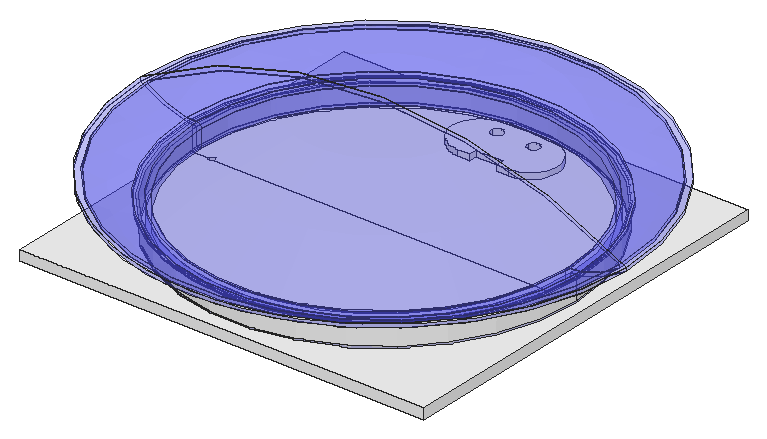
Revit family "BE_50506_de_DE", category Leuchten, Revit 2020
Family settings
  Basisbauteil = Fläche
  Bemaßung runder Anschluss = Durchmesser verwenden
  Teiletyp = Normal
  Beim Laden mit Abzugskörper schneiden = Ja
  Lichtquelle = Ja
  Gemeinsam genutzt = Nein
  Raumberechnungspunkt = Ja
Parameters (values of type "BEGA_50506_K3")
  built-in parameter 1150104 = 14.491 (stored number, unit not read)
  Wattage = 27.6 W
  Default Elevation = 0 mm
  built-in parameter 1150113 = 1 (stored number, unit not read)
  built-in parameter 1114218 = 1 (stored number, unit not read)
  Umgebungstemperatur = "25 °C"
  URL = "https://www.bega.com/de/produkt/50506"
  Typenkommentare = "© 2022 BEGA. Wir behalten uns das Recht vor, technische Änderungen ohne vorherige Ankündigung vorzunehmen."  # constant formula
  built-in parameter 1150134 = (empty or 0)
  built-in parameter 1150109 = 1 (stored number, unit not read)
  Strom = ""
  built-in parameter 1150110 = 1 (stored number, unit not read)
  Spannung = 239.996 V
  Sonderanfertigung = no
  Seriennummer [instance] = "Hier können Sie die eindeutige Seriennummer für das Facility Management eintragen."
  Schutzklasse = "I"
  Schutzart = "IP 20"
  Scheinlast = 0 VA
  Produktdatenblatt = "https://cdn.bega.com/bega/products/50506K27/current/documents/data-sheets/de"
  Oberflächentemperatur = ""
  Neigungswinkel = 0.00°
  Modell = "50506K3"
  Material_34 = BEGA_Oberfläche_Samtweiss_matt
  Material_11 = BEGA_Glas_opal
  M_W = no
  M_G = no
  M_A = no
  Logo = 0
  built-in parameter 1114217 = 1 (stored number, unit not read)
  built-in parameter 1150139 = (empty or 0)
  built-in parameter 1150105 = 4305 (stored number, unit not read)
  built-in parameter 1150114 = 1 (stored number, unit not read)
  Lumens = 4305.05 lm
  built-in parameter 1150115 = 1 (stored number, unit not read)
  Leuchtenlichtstrom = "3088 lm"
  Leuchtenanzahl = ""
  Lebensdauerkriterien = "L70B50 @ 25 °C = 200000 h"
  Lastklassifizierung = Beleuchtung
  built-in parameter 1150112 = 1 (stored number, unit not read)
  Lampenlichtstrom = "4305 lm"
  Lampe = "LED 27.6 W"
  LED_Modulbezeichnung = "LED-0630/930"
  Hersteller = "BEGA"  # constant formula
  Halbstreuwinkel = ""
  Gewicht = "4.1 kg"
  Gebrauchslageneinschränkung [instance] = ""
  Frequenz = "0/50-60 Hz"
  Farbwiedergabeindex = "CRI > 90"
  Farbtemperaturverschiebung bei Dämpfen der Lampe = <Keine Auswahl>
  Farbtemperatur = "3000 K"
  Color Filter = 16777215
  built-in parameter 1150133 = 10 (stored number, unit not read)
  Energieeffizienzklasse = "LED A++ - A"
  built-in parameter 1150137 = (empty or 0)
  built-in parameter 1150132 = (empty or 0)
  ENEC = "ja"
  Dimmbar [instance] = ""
  Datei für fotometrisches Netz = "BE_50506K3.IES"
  CE_Konformität = "ja"
  Bestellnummer = "50506K3"
  Beschreibung_Sonderanfertigung = "Hier können Sie Informationen zur Sonderanfertigung eintragen."
  Beschreibung = "Decken- und Wandleuchte"
  built-in parameter 1150106 = 43.05 (stored number, unit not read)
  Befestigungsbohrung = "Ø 6 mm"
  Befestigungsabstand = "340 mm"
  Ballwurfsicher = ""
  BEGA_Intern_aus = yes
  BEGA_Intern_an = yes
  BEGA_Intern_Konstruktion = yes
  BEGA_Intern = yes
  BEGA_IES = yes
  BEGA_Dummy = no
  Anschlussleitung = ""
  Anschlussleistung [instance] = "31 W"
  Anschlusskasten = ""
  built-in parameter 1150107 = 3000 (stored number, unit not read)
  built-in parameter 1150102 = (empty or 0)
  built-in parameter 1150138 = (empty or 0)
  Aktualisierung = "2022-11-01T04:00:04"
  Abstand_zur_angestrahlten_Fläche [instance] = ""
  AC/DC = "AC/DC"
Types (2, lengths in mm): name | built-in parameter 1150104 | Modell | built-in parameter 1150105 | Lumens | Leuchtenlichtstrom | Lampenlichtstrom | LED_Modulbezeichnung | Farbtemperatur | Datei für fotometrisches Netz | Bestellnummer | built-in parameter 1150106 | built-in parameter 1150107
  BEGA_50506_K27 | 14.02 (stored number, unit not read) | "50506K27" | 331.45 (stored number, unit not read) | 4165.12 lm | "2987 lm" | "4165 lm" | "LED-0630/927" | "2700 K" | "BE_50506K27.ies" | "50506K27" | 3.3145 (stored number, unit not read) | 2700 (stored number, unit not read)
  BEGA_50506_K3 | 14.491 (stored number, unit not read) | "50506K3" | 4305 (stored number, unit not read) | 4305.05 lm | "3088 lm" | "4305 lm" | "LED-0630/930" | "3000 K" | "BE_50506K3.IES" | "50506K3" | 43.05 (stored number, unit not read) | 3000 (stored number, unit not read)
Reference planes
  plane 1 "Mitte (Vorne/Hinten)": y = 0
  plane 2: z = 0
  plane 3 "Mitte (Links/Rechts)": x = 0
  plane 4 "Links": x = -240
  plane 5 "Rechts": x = 240
  plane 6 "Unten": y = -240
  plane 7 "Oben": y = 240
  plane 8 "Vorne": z = 116.8
  plane 9 "Hinten": z = 0
Forms (mm)
  Extrusion 1, solid, material "BEGA_Platte_Weiss"
    sketch origin (0, -1119.2, 0) x (1, 0, 0) y (0, 1, 0)
      loop
        line (-200, 1319.2) -> (-200, 919.2) -> (200, 919.2) -> (200, 1319.2) -> (-200, 1319.2)
    from 0 to -10
  Extrusion 2, solid, material "BEGA_Dummy_matt", visible <- "BEGA_Dummy"
    sketch origin (77.149, -76.023, 0) x (1, 0, 0) y (0, 1, 0)
      loop
        circle (-77.149, 76.023) r 240
    from 0 to 116.8
Dimensions and locks
  plane 1 "Mitte (Vorne/Hinten)" to Extrusion 1 = 200 mm
  aligned and locked: plane 2 to Extrusion 1
  aligned and locked: level to Extrusion 1
Nested families
  nested 1: "BE_50506_Leuchte" at (0, 0, 0), type "BE_50506_Leuchte"
Connectors
  electrical at (0, 0, 0), driven by "Lastklassifizierung", driven by "Spannung", driven by "Scheinlast"
    settings: index 1, voltage 239.996 V, apparent load 0 VA, apparent load phase1 0 VA, apparent load phase2 0 VA, apparent load phase3 0 VA, power factor 1, load classification "Beleuchtung", number of poles 1, system type 31, power factor state 1, is connector primary yes, connector utility no, sub classification motor no, connector description ""
Definition of nested family "BE_50506_Leuchte"
  Parameters (values of type "BE_50506_Leuchte")
    Default Elevation = 1 mm
    URL = "http://www.bega.de/de/produkt"
    Type Comments = "© 2015 BEGA. Wir behalten uns das Recht vor, technische Änderungen ohne vorherige Ankündigung vorzunehmen. "  # constant formula
    Type Image = (empty or 0)
    Material_34 = none
    Material_11 = none
    Länge_Platte = 200 mm  # constant formula
    Höhe_Platte = -10 mm  # constant formula
    Manufacturer = "BEGA"  # constant formula
    Breite_Platte = 200 mm  # constant formula
  Reference planes
    plane 1 "Mitte (Oben/Unten)": y = 0
    plane 2: z = 0
    plane 3 "Mitte (Links/Rechts)": x = 0
    plane 4: z = 0
    plane 5: z = 116.8
    plane 6: x = -240
    plane 7: x = 240
    plane 8: y = 240
    plane 9: y = -240
  Forms (mm)
    Extrusion 1, solid, detail levels medium
      sketch origin (0, 0, 0) x (1, 0, 0) y (0, 1, 0)
        loop
          line (-100, 100) -> (-100, -100) -> (100, -100) -> (100, 100) -> (-100, 100)
      from 0 to -10 <- "Höhe_Platte"
    Revolve 2, solid, material <- "Material_34"
      sketch origin (0, 0, 0) x (1, 0, 0) y (0, 0, 1)
        loop
          line (194, 26.8) -> (191.844, 26.8)
          arc (191.844, 26.8) -> (190.576, 26.284) -> (190.038, 25.025) r 1.8
          line (190.038, 25.025) -> (189.667, 3.783)
          arc (189.667, 3.783) -> (189.368, 3.087) -> (188.667, 2.8) r 1
          line (188.667, 2.8) -> (0, 2.8) -> (0, 1.8) -> (188.667, 1.8)
          arc (188.667, 1.8) -> (190.069, 2.373) -> (190.667, 3.765) r 2
          line (190.667, 3.765) -> (191.038, 25.009)
          arc (191.038, 25.009) -> (191.277, 25.571) -> (191.842, 25.8) r 0.8
          line (191.842, 25.8) -> (194, 25.8) -> (194, 26.8)
        axis (0, 1.8) -> (0, 26.8)
      angle from 0 to 360
    Extrusion 3, solid, material <- "Material_34"
      sketch origin (0, 0, 0) x (1, 0, 0) y (0, 1, 0)
        loop
          circle (-170, 0) r 7.599
        loop
          circle (170, 0) r 7.599
      from 0 to 1.809
    Extrusion 4, void
      sketch origin (0, 0, 0) x (1, 0, 0) y (0, 1, 0)
        loop
          circle (-170, 0) r 3
        loop
          circle (170, 0) r 3
      from 0 to 2.8
    Extrusion 5, solid, material <- "Material_34"
      sketch origin (0, 0, 0) x (1, 0, 0) y (0, 1, 0)
        loop
          arc (29.435, 176.61) -> (0, 179.046) -> (-29.435, 176.61) r 179.046
          arc (-29.435, 176.61) -> (-51.885, 147.775) -> (-25, 123.023) r 26.977
          line (-25, 123.023) -> (-13.155, 123.023) -> (-13.155, 130.551) -> (13.155, 130.551) -> (13.155, 123.023) -> (25, 123.023)
          arc (25, 123.023) -> (51.885, 147.775) -> (29.435, 176.61) r 26.977
      from 2.8 to 8.3
    Extrusion 6, void
      sketch origin (0, 0, 0) x (1, 0, 0) y (0, 1, 0)
        loop
          circle (-18, 163) r 6
        loop
          circle (18, 163) r 6
      from 0 to 8.3
    Revolve 7, solid, material <- "Material_11"
      sketch origin (0, 0, 0) x (1, 0, 0) y (0, 0, 1)
        loop
          line (0, 116.9) -> (0, 112.9)
          arc (0, 112.9) -> (120.58, 97.029) -> (232.947, 50.498) r 465.999
          arc (232.947, 50.498) -> (233.915, 48.813) -> (232.995, 47.101) r 2
          arc (232.995, 47.101) -> (214.426, 37.351) -> (194.452, 30.953) r 121.001
          line (194.452, 30.953) -> (184.49, 30.431)
          arc (184.49, 30.431) -> (181.368, 29.57) -> (180.007, 26.631) r 3.853
          line (180.007, 26.631) -> (180.007, 8.9) -> (184.7, 8.9) -> (184.7, 26.437) -> (195, 26.977)
          arc (195, 26.977) -> (218.496, 34.752) -> (240, 47.004) r 125.001
          line (240, 47.004) -> (240, 51.004)
          arc (240, 51.004) -> (124.441, 100.127) -> (0, 116.9) r 469.999
        axis (0, 8.9) -> (0, 116.9)
      angle from 0 to 360
  Cuts and joins
    Extrusion 4, Extrusion 6 cuts Revolve 2
    Extrusion 4, Extrusion 6 cuts Extrusion 3
    Extrusion 6 cuts Extrusion 5
    joined: Revolve 2, Extrusion 3, Extrusion 5
  Dimensions and locks
    equal spacing: Extrusion 1 sketch curve, plane 3 "Mitte (Links/Rechts)", Extrusion 1 sketch curve
    equal spacing: Extrusion 1 sketch curve, plane 1 "Mitte (Oben/Unten)", Extrusion 1 sketch curve
    "Länge_Platte": Extrusion 1 sketch curve to Extrusion 1 sketch curve
    "Breite_Platte": Extrusion 1 sketch curve to Extrusion 1 sketch curve
    plane 1 "Mitte (Oben/Unten)" to Extrusion 1 = 100 mm  (x3)
    aligned and locked: plane 2 to Extrusion 1
    aligned and locked: level to Extrusion 1
  Automatic sketch dimensions
    level to Revolve 2 sketch curve = 26.8 mm
    Revolve 2 sketch curve to Revolve 2 sketch curve = 2.156 mm
    Revolve 2 sketch curve to Revolve 2 sketch curve = 1 mm  (x5)
    Revolve 2 sketch curve to Revolve 2 sketch curve = 0.002 mm
    Revolve 2 sketch curve to Revolve 2 sketch curve = 0.004 mm
    Revolve 2 sketch curve to Revolve 2 sketch curve = 0.8 mm  (x2)
    Revolve 2 sketch curve to Revolve 2 sketch curve = 0 mm  (x10)
    level to Revolve 2 sketch curve = 3.783 mm
    Revolve 2 sketch curve to Revolve 2 sketch curve = 0.371 mm
    level to Revolve 2 sketch curve = 3.765 mm
    Revolve 2 sketch curve to Revolve 2 sketch curve = 0.017 mm
    Revolve 2 sketch curve to plane 3 "Mitte (Links/Rechts)" = 0 mm
    level to Revolve 2 sketch curve = 1.8 mm
    Revolve 2 sketch curve to Revolve 2 sketch curve = 188.667 mm
    plane 1 "Mitte (Oben/Unten)" to Extrusion 5 sketch curve = 0 mm
    Extrusion 5 sketch curve to plane 3 "Mitte (Links/Rechts)" = 0 mm
    Extrusion 5 sketch curve to plane 3 "Mitte (Links/Rechts)" = 25 mm  (x2)
    Extrusion 5 sketch curve to plane 1 "Mitte (Oben/Unten)" = 150 mm
    Extrusion 5 sketch curve to Extrusion 5 sketch curve = 4.435 mm
    Extrusion 5 sketch curve to Extrusion 5 sketch curve = 0 mm  (x6)
    plane 3 "Mitte (Links/Rechts)" to Extrusion 5 sketch curve = 25 mm
    Extrusion 5 sketch curve to Extrusion 5 sketch curve = 11.845 mm  (x2)
    plane 3 "Mitte (Links/Rechts)" to Extrusion 5 sketch curve = 13.155 mm
    Extrusion 5 sketch curve to Extrusion 5 sketch curve = 7.528 mm  (x2)
    Revolve 7 sketch curve to plane 3 "Mitte (Links/Rechts)" = 0 mm  (x2)
    plane 3 "Mitte (Links/Rechts)" to Revolve 7 sketch curve = 0 mm
    plane 3 "Mitte (Links/Rechts)" to Revolve 7 sketch curve = 167.671 mm
    Revolve 7 sketch curve to Revolve 7 sketch curve = 0 mm  (x4)
    level to Revolve 7 sketch curve = 8.9 mm
    Revolve 7 sketch curve to Revolve 7 sketch curve = 12.336 mm
    Revolve 7 sketch curve to Revolve 7 sketch curve = 3.853 mm
    Revolve 7 sketch curve to Revolve 7 sketch curve = 4.693 mm
    level to Revolve 7 sketch curve = 30.953 mm
    Revolve 7 sketch curve to Revolve 7 sketch curve = 9.752 mm
    level to Revolve 7 sketch curve = 26.977 mm
    Revolve 7 sketch curve to Revolve 7 sketch curve = 0.549 mm
    Revolve 7 sketch curve to Revolve 7 sketch curve = 37.464 mm
    Revolve 7 sketch curve to Revolve 7 sketch curve = 8.084 mm
    Revolve 7 sketch curve to level = 353.099 mm
    Revolve 7 sketch curve to Revolve 7 sketch curve = 0.54 mm
    Revolve 7 sketch curve to Revolve 7 sketch curve = 0.194 mm
    level to Revolve 7 sketch curve = 47.004 mm
    Revolve 7 sketch curve to Revolve 7 sketch curve = 1.781 mm
    Revolve 7 sketch curve to Revolve 7 sketch curve = 4 mm
    level to Revolve 7 sketch curve = 112.9 mm
    Revolve 7 sketch curve to Revolve 7 sketch curve = 0.631 mm
    Revolve 7 sketch curve to Revolve 7 sketch curve = 1.032 mm
    Revolve 7 sketch curve to Revolve 7 sketch curve = 1.08 mm
